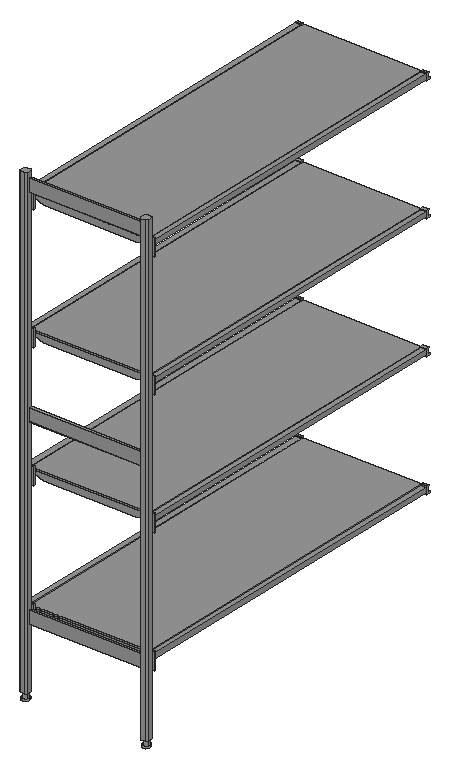
Revit family "QF_ELECTROLUXPROFESSIONAL_137076_CLS1272", category Attrezzature speciali, Revit 2020
Family settings
  Quota connettore circolare = Usa diametro
  Tipo di parte = Normale
  Basato su piano di lavoro = No
  Sempre verticale = Sì
  Taglio con vuoti quando caricato = No
  Condiviso = No
  Punto di calcolo locali = No
Parameters (values of type "Standard")
  Weight = 22.00 kg
  Watts = 0 W
  Volts = 0 V
  URL Manufacturer = "https://www.electroluxprofessional.com/"
  URL = "https://www.electroluxprofessional.com/"
  Steam Supply Size = 0 mm
  Steam Supply Minimum Pressure = 0.0 Pa
  Steam Supply Maximum Pressure = 0.0 Pa
  Steam Consumption per Hour = 0
  Refrigeration Suction Line Size = 0.0 mm
  Refrigeration Liquid Line Size = 0.0 mm
  Refrigerant Compressor Remote = yes
  Prospetto di default = 0.0 mm
  Phase = 0
  Modello = "CLS1272"
  Produttore = "Electrolux Professional"
  Length Actual = 1276.0 mm  # constant formula
  Item Number = "137076"
  Hot Water Size = 0 mm
  Height Actual = 1700.0 mm  # constant formula
  HP = "0 HP"
  Gas Size = 0 mm
  Gas KW = 0
  Gas Input Pressure = 0 W
  Direct Waste Size = 0 mm
  Descrizione = "ALUM.CORNER SHELV.-POLY.TIERS-475X1276MM"
  Depth Actual = 475.0 mm  # constant formula
  Cycle = 0 Hz
  Condensate Return Size = 0 mm
  Compressed Air Volume = 0.0 L/s
  Compressed Air Size = 0 mm
  Compressed Air Pressure = 0.0 Pa
  Cold Water Size = 0 mm
  Accessory = yes
Reference planes
  plane 1: z = 0
  plane 2 "Center (F/B)": y = -163.5
  plane 3 "Front": y = -549.5
  plane 4 "Left": x = -217.5
  plane 5 "Right": x = 257.5
  plane 6 "TOP": z = 1700
  plane 7: y = -517.5
  plane 8: y = 722.5
  plane 9 "Center (Left/Right)": x = 20
  plane 10: y = 717.5
  plane 11: x = -186
  plane 12: x = 226
  plane 13 "FEET": z = 25
  plane 14: z = 275
  plane 15: z = 725
  plane 16: z = 1175
  plane 17: z = 1625
  plane 18 "CXLeft": y = -535.5
  plane 19: x = -200
  plane 20 "CYBack": x = -200
  plane 21 "CYFront": x = 138
  plane 22 "Back": y = 726.5
  plane 23 "LEFT_ORIGIN": x = -251.5
  plane 24 "BACK_Origin": y = 1201.5
Forms (mm)
  Extrusion 1, solid, material "QF_Aluminum"
    sketch origin (0, -549.5, 0) x (-1, 0, 0) y (0, 0, 1)
      loop
        line (198.5, 1650.994) -> (198.5, 1632.998) -> (217.5, 1632.998) -> (217.5, 1650.994) -> (198.5, 1650.994)
      loop
        line (-238.5, 1650.994) -> (-257.5, 1650.994) -> (-257.5, 1632.998) -> (-238.5, 1632.998) -> (-238.5, 1650.994)
      loop
        line (198.5, 1200.994) -> (198.5, 1182.998) -> (217.5, 1182.998) -> (217.5, 1200.994) -> (198.5, 1200.994)
      loop
        line (-238.522, 1200.994) -> (-257.5, 1200.994) -> (-257.5, 1182.998) -> (-238.522, 1182.998) -> (-238.522, 1200.994)
      loop
        line (198.5, 750.994) -> (198.5, 732.998) -> (217.5, 732.998) -> (217.5, 750.994) -> (198.5, 750.994)
      loop
        line (-238.522, 750.994) -> (-257.5, 750.994) -> (-257.5, 732.998) -> (-238.522, 732.998) -> (-238.522, 750.994)
      loop
        line (198.5, 300.994) -> (198.5, 282.998) -> (217.5, 282.998) -> (217.5, 300.994) -> (198.5, 300.994)
      loop
        line (-238.522, 300.994) -> (-257.5, 300.994) -> (-257.5, 282.998) -> (-238.522, 282.998) -> (-238.522, 300.994)
    from 32 to 1272
  Extrusion 2, solid, material "QF_Polyethylene"
    sketch origin (0, -549.5, 0) x (-1, 0, 0) y (0, 0, 1)
      loop
        line (196.507, 1650.994) -> (-236.522, 1650.994) -> (-236.522, 1644.496) -> (196.507, 1644.496) -> (196.507, 1650.994)
      loop
        line (196.507, 1200.994) -> (-236.522, 1200.994) -> (-236.522, 1194.496) -> (196.507, 1194.496) -> (196.507, 1200.994)
      loop
        line (196.507, 750.994) -> (-236.522, 750.994) -> (-236.522, 744.496) -> (196.507, 744.496) -> (196.507, 750.994)
      loop
        line (196.507, 300.994) -> (-236.522, 300.994) -> (-236.522, 294.496) -> (196.507, 294.496) -> (196.507, 300.994)
    from 32 to 1272
Lines and regions (mm)
  symbolic lines
    curve 1: line (-198.5, 722.5, 1700) -> (-198.5, -517.5, 1700)
    curve 2: line (-217.5, -521.5, 1700) -> (-217.5, 722.5, 1700)
    curve 3: line (257.5, -521.5, 1700) -> (257.5, 722.5, 1700)
    curve 4: line (-181.507, -517.5, 1700) -> (221.507, -517.5, 1700)
    curve 5: line (238.522, -517.5, 1700) -> (238.522, 722.5, 1700)
    curve 6: line (-198.5, 722.5, 1700) -> (238.522, 722.5, 1700)
Dimensions and locks
  plane 3 "Front" to plane 2 "Center (F/B)" = 386.0 mm
  locked: plane 6 "TOP" to level at 1700
  locked: plane 4 "Left" to plane 5 "Right" at 475
  locked: plane 7 to plane 8 at 1240
  locked: plane 3 "Front" to plane 7 at 32
  plane 10 to plane 8 = 5.0 mm
  locked: plane 11 to plane 12 at 412
  equal spacing: plane 11, plane 9 "Center (Left/Right)", plane 12
  equal spacing: plane 4 "Left", plane 9 "Center (Left/Right)", plane 5 "Right"
  plane 13 "FEET" to level = 25.0 mm
  plane 6 "TOP" to plane 13 "FEET" = 1675.0 mm
  plane 14 to plane 13 "FEET" = 250.0 mm
  plane 15 to plane 14 = 450.0 mm
  plane 16 to plane 15 = 450.0 mm
  plane 17 to plane 16 = 450.0 mm
  locked: plane 3 "Front" to plane 18 "CXLeft" at 14
  locked: plane 3 "Front" to plane 22 "Back" at 1276
  plane 23 "LEFT_ORIGIN" to plane 5 "Right" = 509.0 mm
  locked: plane 22 "Back" to plane 24 "BACK_Origin" at 475
  aligned and locked: level to plane 1
  aligned and locked: Extrusion 2 to plane 7
  aligned and locked: plane 8 to Extrusion 2
  aligned and locked: Extrusion 1 to plane 7
  aligned and locked: plane 8 to Extrusion 1
  aligned and locked: Extrusion 1 sketch curve to Extrusion 1 sketch curve  (x2)
  aligned and locked: plane 18 "CXLeft" to nested 1
  aligned and locked: nested 2 to plane 10
Automatic sketch dimensions
  curve 2 to plane 4 "Left" = 0.0 mm
  curve 3 to plane 5 "Right" = 0.0 mm
  plane 7 to curve 1 = 0.0 mm
  plane 7 to curve 4 = 0.0 mm
  plane 7 to curve 5 = 0.0 mm
  plane 8 to curve 2 = 0.0 mm
  plane 8 to curve 1 = 0.0 mm
  plane 8 to curve 3 = 0.0 mm
  curve 5 to plane 21 "CYFront" = 100.522 mm
  plane 19 to curve 6 = 1.5 mm
  plane 7 to curve 3 = 4.0 mm
  plane 7 to curve 2 = 4.0 mm
  plane 12 to curve 4 = 4.493 mm
  curve 4 to plane 11 = 4.493 mm
  plane 5 "Right" to Extrusion 1 sketch curve = 0.0 mm  (x4)
  plane 4 "Left" to Extrusion 1 sketch curve = 0.0 mm  (x4)
  Extrusion 1 sketch curve to plane 21 "CYFront" = 100.522 mm
  Extrusion 1 sketch curve to plane 21 "CYFront" = 100.5 mm
  plane 19 to Extrusion 1 sketch curve = 1.5 mm  (x4)
  plane 14 to Extrusion 1 sketch curve = 7.998 mm  (x2)
  Extrusion 1 sketch curve to Extrusion 1 sketch curve = 17.997 mm  (x8)
  plane 15 to Extrusion 1 sketch curve = 7.998 mm  (x2)
  plane 16 to Extrusion 1 sketch curve = 7.998 mm  (x2)
  plane 17 to Extrusion 1 sketch curve = 7.998 mm  (x2)
  Extrusion 2 sketch curve to plane 21 "CYFront" = 98.522 mm  (x4)
  plane 19 to Extrusion 2 sketch curve = 3.493 mm  (x4)
  plane 14 to Extrusion 2 sketch curve = 19.496 mm
  Extrusion 2 sketch curve to Extrusion 2 sketch curve = 6.499 mm  (x4)
  plane 15 to Extrusion 2 sketch curve = 19.496 mm
  plane 16 to Extrusion 2 sketch curve = 19.496 mm
  plane 17 to Extrusion 2 sketch curve = 19.496 mm
Nested families
  nested 1: "WT_Anta475" at (-194.5, -132.5, 0) x (0, 1, 0) z (0, 0, 1), type "WT_Anta475"
  nested 2: "WT_Aggancio475" at (-194.5, 1134.5, 0) x (0, 1, 0) z (0, 0, 1), type "WT_Aggancio475"
Definition of nested family "WT_Anta475"
  Parameters
    WidthLeft = A + 64.0 mm  # 772.0 mm
    Width = 1606.0 mm
    Right = WidthLeft / 2  # 386.0 mm
    Default Elevation = 0.0 mm
    Left = -WidthLeft / 2  # -386.0 mm
    Height = 1725.0 mm
    FEET = 25.0 mm
    E = 0.0 mm
    Dint = Depth - 63.0 mm  # 412.0 mm
    Dext = Depth - 8.0 mm  # 467.0 mm
    Depth = 475.0 mm
    DX = (WidthLeft - A) / 2  # 32.0 mm
    B = 798.0 mm
    A = 708.0 mm
  Reference planes
    plane 1: z = 0
    plane 2 "LEFT": x = -417
    plane 3 "BACK": y = 23
    plane 4 "FRONT": y = -452
    plane 5 "TOP": z = 1725
    plane 6 "Center (Front/Back)": y = -214.5
    plane 7: y = -8.5
    plane 8: y = -420.5
    plane 9 "FEET": z = 25
    plane 10: z = 275
    plane 11: z = 725
    plane 12: z = 1175
    plane 13: z = 1625
    plane 14 "CXLeft": x = -403
    plane 15: y = 5.5
    plane 16 "CYBack": y = 5.5
    plane 17 "CYFront": y = -434.5
    plane 18: x = -385.031
    plane 19: x = -380.031
  Forms (mm)
    Extrusion 1, solid
      sketch origin (0, 0, 0) x (1, 0, 0) y (0, 1, 0)
        loop
          line (-417, 13.246) -> (-417, -2.246) -> (-410.746, -8.5) -> (-395.254, -8.5) -> (-389, -2.246) -> (-389, 13.246) -> (-395.254, 19.5) -> (-410.746, 19.5) -> (-417, 13.246)
      from 1725 to 25
    Extrusion 2, solid
      sketch origin (-417, 0, 0) x (0, 1, 0) y (0, 0, 1)
        loop
          line (23, 246.005) -> (23, 307.993) -> (-12.993, 307.993) -> (-12.993, 246.005) -> (23, 246.005)
        loop
          line (-452, 246.005) -> (-416.007, 246.005) -> (-416.007, 307.993) -> (-452, 307.993) -> (-452, 246.005)
        loop
          line (23, 696.005) -> (23, 757.993) -> (-12.993, 757.993) -> (-12.993, 696.005) -> (23, 696.005)
        loop
          line (-452, 696.005) -> (-416.007, 696.005) -> (-416.007, 757.993) -> (-452, 757.993) -> (-452, 696.005)
        loop
          line (23, 1146.005) -> (23, 1207.993) -> (-12.993, 1207.993) -> (-12.993, 1146.005) -> (23, 1146.005)
        loop
          line (-452, 1146.005) -> (-416.007, 1146.005) -> (-416.007, 1207.993) -> (-452, 1207.993) -> (-452, 1146.005)
        loop
          line (23, 1596.005) -> (23, 1657.993) -> (-12.993, 1657.993) -> (-12.993, 1596.005) -> (23, 1596.005)
        loop
          line (-452, 1596.005) -> (-416.007, 1596.005) -> (-416.007, 1657.993) -> (-452, 1657.993) -> (-452, 1596.005)
      from 28 to 32
    Revolve 3, solid
      sketch origin (-403, 0, 0) x (0, 1, 0) y (0, 0, 1)
        loop
          line (5.5, 25) -> (5.5, 0) -> (19, 0) -> (19, 5) -> (14, 5) -> (14, 25) -> (5.5, 25)
        axis (5.5, 25) -> (5.5, 0)
      angle from 0 to 360
    Extrusion 4, solid
      sketch origin (-403, 0, 0) x (0, 1, 0) y (0, 0, 1)
        loop
          line (-8.5, 912.382) -> (-8.5, 957.374) -> (-420.5, 957.374) -> (-420.5, 912.382) -> (-8.5, 912.382)
        loop
          line (-8.5, 1662.244) -> (-8.5, 1707.236) -> (-420.5, 1707.236) -> (-420.5, 1662.244) -> (-8.5, 1662.244)
      from -5 to 5
    Revolve 5, solid
      sketch origin (-403, -627, 0) x (0, -1, 0) y (0, 0, 1)
        loop
          line (-192.5, 25) -> (-192.5, 0) -> (-179, 0) -> (-179, 5) -> (-184, 5) -> (-184, 25) -> (-192.5, 25)
        axis (-192.5, 25) -> (-192.5, 0)
      angle from 0 to 360
    Extrusion 6, solid
      sketch origin (0, -627, 0) x (1, 0, 0) y (0, 1, 0)
        loop
          line (-417, 184.754) -> (-410.746, 178.5) -> (-395.254, 178.5) -> (-389, 184.754) -> (-389, 200.246) -> (-395.254, 206.5) -> (-410.746, 206.5) -> (-417, 200.246) -> (-417, 184.754)
      from 1725 to 25
    Extrusion 7, solid
      sketch origin (-417.031, -0.022, 0) x (0, 1, 0) y (0, 0, -1)
        loop
          line (-12, -1632.998) -> (-46, -1620.994) -> (-383, -1620.994) -> (-417, -1632.998) -> (-433, -1632.998) -> (-433, -1650.994) -> (-431, -1650.994) -> (-431, -1644.496) -> (2.007, -1644.496) -> (2.007, -1650.994) -> (4, -1650.994) -> (4, -1632.998) -> (-12, -1632.998)
        loop
          line (-12, -1182.998) -> (-46, -1170.994) -> (-383, -1170.994) -> (-417, -1182.998) -> (-433, -1182.998) -> (-433, -1200.994) -> (-431, -1200.994) -> (-431, -1194.496) -> (2.007, -1194.496) -> (2.007, -1200.994) -> (4, -1200.994) -> (4, -1182.998) -> (-12, -1182.998)
        loop
          line (-12, -732.998) -> (-46, -720.994) -> (-383, -720.994) -> (-417, -732.998) -> (-433, -732.998) -> (-433, -750.994) -> (-431, -750.994) -> (-431, -744.496) -> (2.007, -744.496) -> (2.007, -750.994) -> (4, -750.994) -> (4, -732.998) -> (-12, -732.998)
        loop
          line (-12, -282.998) -> (-46, -270.994) -> (-383, -270.994) -> (-417, -282.998) -> (-433, -282.998) -> (-433, -300.994) -> (-431, -300.994) -> (-431, -294.496) -> (2.007, -294.496) -> (2.007, -300.994) -> (4, -300.994) -> (4, -282.998) -> (-12, -282.998)
      from -32 to -37
    Extrusion 8, solid
      sketch origin (-403, 0, -659.878) x (0, 1, 0) y (0, 0, 1)
        loop
          line (-8.5, 912.382) -> (-8.5, 957.374) -> (-420.5, 957.374) -> (-420.5, 912.382) -> (-8.5, 912.382)
        loop
          line (-8.5, 1572.382) -> (-8.5, 1617.374) -> (-420.5, 1617.374) -> (-420.5, 1572.382) -> (-8.5, 1572.382)
        loop
          line (-8.5, 2322.382) -> (-8.5, 2367.374) -> (-420.5, 2367.374) -> (-420.5, 2322.382) -> (-8.5, 2322.382)
      from -5 to 5
  Lines and regions (mm)
    symbolic lines
      curve 1: line (-408, -8.5, 1725) -> (-408, -420.5, 1725)
      curve 2: line (-398, -420.5, 1725) -> (-398, -8.5, 1725)
      curve 3: line (-395.254, -8.5, 1725) -> (-410.746, -8.5, 1725)
      curve 4: line (-417, -2.246, 1725) -> (-410.746, -8.5, 1725)
      curve 5: line (-417, 13.246, 1725) -> (-417, -2.246, 1725)
      curve 6: line (-410.746, 19.5, 1725) -> (-417, 13.246, 1725)
      curve 7: line (-395.254, 19.5, 1725) -> (-410.746, 19.5, 1725)
      curve 8: line (-389, 13.246, 1725) -> (-395.254, 19.5, 1725)
      curve 9: line (-395.254, -8.5, 1725) -> (-389, -2.246, 1725)
      curve 10: line (-395.254, -420.5, 1725) -> (-410.746, -420.5, 1725)
      curve 11: line (-417, -426.754, 1725) -> (-410.746, -420.5, 1725)
      curve 12: line (-410.746, -448.5, 1725) -> (-417, -442.246, 1725)
      curve 13: line (-395.254, -448.5, 1725) -> (-410.746, -448.5, 1725)
      curve 14: line (-389, -442.246, 1725) -> (-395.254, -448.5, 1725)
      curve 15: line (-395.254, -420.5, 1725) -> (-389, -426.754, 1725)
      curve 16: line (-389, -452, 1725) -> (-389, -416.007, 1725)
      curve 17: line (-389, -416.007, 1725) -> (-385, -416.007, 1725)
      curve 18: line (-389, 23, 1725) -> (-389, -12.993, 1725)
      curve 19: line (-389, -12.993, 1725) -> (-385, -12.993, 1725)
      curve 20: line (-417, -426.754, 1725) -> (-417, -442.246, 1725)
      curve 21: line (-385, -452, 1725) -> (-385, -416.007, 1725)
      curve 22: line (-385, -452, 1725) -> (-389, -452, 1725)
      curve 23: line (-385, 23, 1725) -> (-389, 23, 1725)
      curve 24: line (-385, -12.993, 1725) -> (-385, 23, 1725)
      curve 25: line (-385.031, -13.016, 1725) -> (-385.031, -416.029, 1725)
  Dimensions and locks
    "Height": plane 5 "TOP" to level
    "Depth": plane 3 "BACK" to plane 4 "FRONT"
    "Dint": plane 7 to plane 8
    equal spacing: plane 7, plane 6 "Center (Front/Back)", plane 8
    equal spacing: plane 3 "BACK", plane 6 "Center (Front/Back)", plane 4 "FRONT"
    plane 9 "FEET" to level = 25.0 mm
    plane 5 "TOP" to plane 9 "FEET" = 1700.0 mm
    plane 10 to plane 9 "FEET" = 250.0 mm
    plane 11 to plane 10 = 450.0 mm
    plane 12 to plane 11 = 450.0 mm
    plane 13 to plane 12 = 450.0 mm
    locked: plane 2 "LEFT" to plane 14 "CXLeft" at 14
    locked: plane 3 "BACK" to plane 16 "CYBack" at 17.5
    locked: plane 17 "CYFront" to plane 4 "FRONT" at 17.5
    locked: Revolve 3 sketch curve to Revolve 3 sketch curve at 8.5
    locked: Revolve 3 sketch curve to plane 16 "CYBack" at 13.5
    locked: Revolve 5 sketch curve to Revolve 5 sketch curve at 8.5
    aligned and locked: level to plane 1
    aligned and locked: curve 20 to Extrusion 6
    aligned and locked: plane 5 "TOP" to Extrusion 1
    aligned and locked: plane 5 "TOP" to Extrusion 6
    aligned and locked: Extrusion 7 sketch curve to Extrusion 7 sketch curve  (x3)
  Automatic sketch dimensions
    curve 16 to plane 4 "FRONT" = 0.0 mm
    curve 11 to plane 8 = 0.0 mm
    curve 9 to plane 7 = 0.0 mm
    curve 5 to plane 2 "LEFT" = 0.0 mm
    curve 23 to plane 3 "BACK" = 0.0 mm
    plane 4 "FRONT" to curve 13 = 3.5 mm
    curve 20 to plane 17 "CYFront" = 7.746 mm
    curve 20 to plane 8 = 6.254 mm
    plane 8 to curve 16 = 4.493 mm
    curve 24 to plane 18 = 0.031 mm
    curve 24 to plane 7 = 4.493 mm
    plane 7 to curve 5 = 6.254 mm
    curve 5 to plane 15 = 7.746 mm
    curve 6 to plane 3 "BACK" = 3.5 mm
    curve 21 to plane 18 = 0.031 mm
    plane 18 to curve 23 = 3.969 mm
    plane 18 to curve 16 = 3.969 mm
    curve 18 to curve 8 = 6.254 mm
    curve 18 to curve 3 = 6.254 mm
    curve 16 to curve 13 = 6.254 mm
    curve 16 to curve 15 = 6.254 mm
    plane 2 "LEFT" to curve 10 = 6.254 mm
    plane 2 "LEFT" to curve 7 = 6.254 mm
    plane 2 "LEFT" to curve 12 = 6.254 mm
    plane 2 "LEFT" to curve 3 = 6.254 mm
    curve 14 to plane 17 "CYFront" = 7.746 mm
    curve 15 to plane 8 = 6.254 mm
    plane 7 to curve 9 = 6.254 mm
    curve 8 to plane 15 = 7.746 mm
    curve 3 to curve 2 = 2.746 mm
    curve 1 to curve 10 = 2.746 mm
    Extrusion 1 sketch curve to plane 2 "LEFT" = 0.0 mm
    Extrusion 1 sketch curve to plane 7 = 0.0 mm
    plane 2 "LEFT" to Extrusion 1 sketch curve = 6.254 mm  (x2)
    plane 14 "CXLeft" to Extrusion 1 sketch curve = 7.746 mm  (x2)
    Extrusion 1 sketch curve to plane 3 "BACK" = 3.5 mm
    plane 18 to Extrusion 1 sketch curve = 3.969 mm
    plane 7 to Extrusion 1 sketch curve = 6.254 mm  (x2)
    Extrusion 1 sketch curve to plane 15 = 7.746 mm  (x2)
    Extrusion 2 sketch curve to plane 4 "FRONT" = 0.0 mm  (x4)
    Extrusion 2 sketch curve to plane 3 "BACK" = 0.0 mm  (x4)
    plane 8 to Extrusion 2 sketch curve = 4.493 mm  (x4)
    Extrusion 2 sketch curve to plane 7 = 4.493 mm  (x4)
    Extrusion 2 sketch curve to plane 10 = 28.995 mm  (x2)
    plane 10 to Extrusion 2 sketch curve = 32.993 mm  (x2)
    Extrusion 2 sketch curve to plane 11 = 28.995 mm  (x2)
    plane 11 to Extrusion 2 sketch curve = 32.993 mm  (x2)
    Extrusion 2 sketch curve to plane 12 = 28.995 mm  (x2)
    plane 12 to Extrusion 2 sketch curve = 32.993 mm  (x2)
    Extrusion 2 sketch curve to plane 13 = 28.995 mm  (x2)
    plane 13 to Extrusion 2 sketch curve = 32.993 mm  (x2)
    Revolve 3 sketch curve to plane 9 "FEET" = 0.0 mm  (x2)
    Revolve 3 sketch curve to plane 15 = 0.0 mm  (x2)
    Revolve 3 sketch curve to level = 0.0 mm
    level to Revolve 3 sketch curve = 5.0 mm
    Revolve 3 sketch curve to Revolve 3 sketch curve = 11.655 mm
    Extrusion 4 sketch curve to plane 8 = 0.0 mm  (x2)
    Extrusion 4 sketch curve to plane 7 = 0.0 mm  (x2)
    plane 11 to Extrusion 4 sketch curve = 187.382 mm
    Extrusion 4 sketch curve to Extrusion 4 sketch curve = 44.992 mm
    plane 13 to Extrusion 4 sketch curve = 37.244 mm
    Extrusion 4 sketch curve to plane 5 "TOP" = 17.764 mm
    Revolve 5 sketch curve to plane 9 "FEET" = 0.0 mm  (x2)
    Revolve 5 sketch curve to plane 17 "CYFront" = 0.0 mm  (x2)
    Revolve 5 sketch curve to level = 0.0 mm
    Revolve 5 sketch curve to plane 4 "FRONT" = 4.0 mm
    Revolve 5 sketch curve to Revolve 5 sketch curve = 5.0 mm
    level to Revolve 5 sketch curve = 11.655 mm
    Extrusion 6 sketch curve to plane 2 "LEFT" = 0.0 mm
    Extrusion 6 sketch curve to plane 8 = 0.0 mm
    Extrusion 6 sketch curve to plane 2 "LEFT" = 6.254 mm  (x2)
    Extrusion 6 sketch curve to plane 14 "CXLeft" = 7.746 mm  (x2)
    Extrusion 6 sketch curve to plane 4 "FRONT" = 3.5 mm
    Extrusion 6 sketch curve to plane 18 = 3.969 mm
    plane 8 to Extrusion 6 sketch curve = 6.254 mm  (x2)
    plane 17 "CYFront" to Extrusion 6 sketch curve = 7.746 mm  (x2)
    plane 17 "CYFront" to Extrusion 7 sketch curve = 1.478 mm  (x4)
    Extrusion 7 sketch curve to Extrusion 7 sketch curve = 2.0 mm
    plane 8 to Extrusion 7 sketch curve = 3.478 mm  (x4)
    Extrusion 7 sketch curve to plane 10 = 4.006 mm
    Extrusion 7 sketch curve to Extrusion 7 sketch curve = 34.0 mm  (x4)
    Extrusion 7 sketch curve to plane 11 = 4.006 mm
    Extrusion 7 sketch curve to plane 12 = 4.006 mm
    Extrusion 7 sketch curve to plane 13 = 4.006 mm
    Extrusion 7 sketch curve to plane 7 = 37.522 mm  (x4)
    Extrusion 7 sketch curve to plane 7 = 3.522 mm  (x4)
    plane 15 to Extrusion 7 sketch curve = 3.516 mm  (x4)
    plane 15 to Extrusion 7 sketch curve = 1.522 mm  (x4)
    plane 13 to Extrusion 7 sketch curve = 7.998 mm  (x2)
    Extrusion 7 sketch curve to Extrusion 7 sketch curve = 11.498 mm
    Extrusion 7 sketch curve to Extrusion 7 sketch curve = 6.499 mm  (x5)
    plane 12 to Extrusion 7 sketch curve = 25.994 mm  (x2)
    plane 12 to Extrusion 7 sketch curve = 7.998 mm  (x2)
    plane 11 to Extrusion 7 sketch curve = 25.994 mm  (x2)
    plane 11 to Extrusion 7 sketch curve = 7.998 mm  (x2)
    plane 10 to Extrusion 7 sketch curve = 25.994 mm  (x2)
    plane 10 to Extrusion 7 sketch curve = 7.998 mm  (x2)
    curve 25 to plane 18 = 0.0 mm
    plane 8 to curve 25 = 4.471 mm
    curve 25 to plane 7 = 4.516 mm
    Extrusion 8 sketch curve to plane 8 = 0.0 mm  (x3)
    Extrusion 8 sketch curve to plane 7 = 0.0 mm  (x3)
    Extrusion 8 sketch curve to plane 10 = 22.496 mm
    plane 10 to Extrusion 8 sketch curve = 22.496 mm
    plane 11 to Extrusion 8 sketch curve = 187.504 mm
    Extrusion 8 sketch curve to Extrusion 8 sketch curve = 44.992 mm
    plane 13 to Extrusion 8 sketch curve = 37.504 mm
    Extrusion 8 sketch curve to plane 5 "TOP" = 17.504 mm
Definition of nested family "WT_Aggancio475"
  Parameters
    WidthLeft = A + 64.0 mm  # 772.0 mm
    Width = 1606.0 mm
    Right = WidthLeft / 2  # 386.0 mm
    Default Elevation = 0.0 mm
    Left = -WidthLeft / 2  # -386.0 mm
    Height = 1725.0 mm
    FEET = 25.0 mm
    E = 0.0 mm
    Dint = Depth - 63.0 mm  # 412.0 mm
    Dext = Depth - 8.0 mm  # 467.0 mm
    Depth = 475.0 mm
    DX = (WidthLeft - A) / 2  # 32.0 mm
    B = 798.0 mm
    A = 708.0 mm
  Reference planes
    plane 1: z = 0
    plane 2 "LEFT": x = -417
    plane 3 "BACK": y = 23
    plane 4 "FRONT": y = -452
    plane 5 "TOP": z = 1725
    plane 6 "Center (Front/Back)": y = -214.5
    plane 7: y = -8.5
    plane 8: y = -420.5
    plane 9 "FEET": z = 25
    plane 10: z = 275
    plane 11: z = 725
    plane 12: z = 1175
    plane 13: z = 1625
    plane 14: y = 5.5
    plane 15 "CYBack": y = 5.5
    plane 16 "CYFront": y = -434.5
  Forms (mm)
    Extrusion 1, solid
      sketch origin (-380, -0.022, 0) x (0, 1, 0) y (0, 0, 1)
        loop
          line (-12, 1632.998) -> (4, 1632.998) -> (4, 1650.994) -> (2.007, 1650.994) -> (2.007, 1644.496) -> (-431, 1644.496) -> (-431, 1650.994) -> (-433, 1650.994) -> (-433, 1632.998) -> (-417, 1632.998) -> (-383, 1620.994) -> (-46, 1620.994) -> (-12, 1632.998)
        loop
          line (-12, 1182.998) -> (4, 1182.998) -> (4, 1200.994) -> (2.007, 1200.994) -> (2.007, 1194.496) -> (-431, 1194.496) -> (-431, 1200.994) -> (-433, 1200.994) -> (-433, 1182.998) -> (-417, 1182.998) -> (-383, 1170.994) -> (-46, 1170.994) -> (-12, 1182.998)
        loop
          line (-12, 732.998) -> (4, 732.998) -> (4, 750.994) -> (2.007, 750.994) -> (2.007, 744.496) -> (-431, 744.496) -> (-431, 750.994) -> (-433, 750.994) -> (-433, 732.998) -> (-417, 732.998) -> (-383, 720.994) -> (-46, 720.994) -> (-12, 732.998)
        loop
          line (-12, 282.998) -> (4, 282.998) -> (4, 300.994) -> (2.007, 300.994) -> (2.007, 294.496) -> (-431, 294.496) -> (-431, 300.994) -> (-433, 300.994) -> (-433, 282.998) -> (-417, 282.998) -> (-383, 270.994) -> (-46, 270.994) -> (-12, 282.998)
      from -32 to -37
    Extrusion 2, solid
      sketch origin (-793.062, -324.754, 6.5) x (1, 0, 0) y (0, 0, 1)
        loop
          line (385.062, 1644.496) -> (385.062, 1647.496) -> (376.062, 1647.496) -> (376.062, 1620.994) -> (390.031, 1620.994) -> (390.031, 1626.496) -> (381.062, 1626.496) -> (381.062, 1644.496) -> (385.062, 1644.496)
        loop
          line (385.062, 1194.496) -> (385.062, 1197.496) -> (376.062, 1197.496) -> (376.062, 1170.994) -> (390.031, 1170.994) -> (390.031, 1176.496) -> (381.062, 1176.496) -> (381.062, 1194.496) -> (385.062, 1194.496)
        loop
          line (385.062, 744.496) -> (385.062, 747.496) -> (376.062, 747.496) -> (376.062, 720.994) -> (390.031, 720.994) -> (390.031, 726.496) -> (381.062, 726.496) -> (381.062, 744.496) -> (385.062, 744.496)
        loop
          line (385.062, 294.496) -> (385.062, 297.496) -> (376.062, 297.496) -> (376.062, 270.994) -> (390.031, 270.994) -> (390.031, 276.496) -> (381.062, 276.496) -> (381.062, 294.496) -> (385.062, 294.496)
      from 108.268 to 127.246
    Extrusion 3, solid
      sketch origin (-793.062, 32.754, 6.5) x (1, 0, 0) y (0, 0, 1)
        loop
          line (385.062, 1644.496) -> (385.062, 1647.496) -> (376.062, 1647.496) -> (376.062, 1620.994) -> (390.031, 1620.994) -> (390.031, 1626.496) -> (381.062, 1626.496) -> (381.062, 1644.496) -> (385.062, 1644.496)
        loop
          line (385.062, 1194.496) -> (385.062, 1197.496) -> (376.062, 1197.496) -> (376.062, 1170.994) -> (390.031, 1170.994) -> (390.031, 1176.496) -> (381.062, 1176.496) -> (381.062, 1194.496) -> (385.062, 1194.496)
        loop
          line (385.062, 744.496) -> (385.062, 747.496) -> (376.062, 747.496) -> (376.062, 720.994) -> (390.031, 720.994) -> (390.031, 726.496) -> (381.062, 726.496) -> (381.062, 744.496) -> (385.062, 744.496)
        loop
          line (385.062, 294.496) -> (385.062, 297.496) -> (376.062, 297.496) -> (376.062, 270.994) -> (390.031, 270.994) -> (390.031, 276.496) -> (381.062, 276.496) -> (381.062, 294.496) -> (385.062, 294.496)
      from 9.754 to 28.776
  Lines and regions (mm)
    symbolic lines
      curve 1: line (-412, -452, 0) -> (-408, -452, 0)
      curve 2: line (-412, -433.022, 0) -> (-412, -452, 0)
      curve 3: line (-408, -433.022, 0) -> (-412, -433.022, 0)
      curve 4: line (-408, -452, 0) -> (-408, -433.022, 0)
      curve 5: line (-412, 3.978, 0) -> (-408, 3.978, 0)
      curve 6: line (-412, 23, 0) -> (-412, 3.978, 0)
      curve 7: line (-408, 23, 0) -> (-412, 23, 0)
      curve 8: line (-408, 3.978, 0) -> (-408, 23, 0)
  Dimensions and locks
    "Height": plane 5 "TOP" to level
    "Depth": plane 3 "BACK" to plane 4 "FRONT"
    "Dint": plane 7 to plane 8
    equal spacing: plane 7, plane 6 "Center (Front/Back)", plane 8
    equal spacing: plane 3 "BACK", plane 6 "Center (Front/Back)", plane 4 "FRONT"
    plane 9 "FEET" to level = 25.0 mm
    plane 5 "TOP" to plane 9 "FEET" = 1700.0 mm
    plane 10 to plane 9 "FEET" = 250.0 mm
    plane 11 to plane 10 = 450.0 mm
    plane 12 to plane 11 = 450.0 mm
    plane 13 to plane 12 = 450.0 mm
    locked: plane 3 "BACK" to plane 15 "CYBack" at 17.5
    locked: plane 16 "CYFront" to plane 4 "FRONT" at 17.5
    aligned and locked: level to plane 1
    aligned and locked: Extrusion 1 sketch curve to Extrusion 1 sketch curve  (x3)
  Automatic sketch dimensions
    plane 16 "CYFront" to Extrusion 1 sketch curve = 1.478 mm  (x4)
    Extrusion 1 sketch curve to Extrusion 1 sketch curve = 2.0 mm
    plane 8 to Extrusion 1 sketch curve = 3.478 mm  (x4)
    Extrusion 1 sketch curve to plane 10 = 4.006 mm
    Extrusion 1 sketch curve to Extrusion 1 sketch curve = 34.0 mm  (x4)
    Extrusion 1 sketch curve to plane 11 = 4.006 mm
    Extrusion 1 sketch curve to plane 12 = 4.006 mm
    Extrusion 1 sketch curve to plane 13 = 4.006 mm
    Extrusion 1 sketch curve to plane 7 = 37.522 mm  (x4)
    Extrusion 1 sketch curve to plane 7 = 3.522 mm  (x4)
    plane 14 to Extrusion 1 sketch curve = 3.516 mm  (x4)
    plane 14 to Extrusion 1 sketch curve = 1.522 mm  (x4)
    plane 10 to Extrusion 1 sketch curve = 7.998 mm  (x2)
    Extrusion 1 sketch curve to Extrusion 1 sketch curve = 11.498 mm  (x4)
    Extrusion 1 sketch curve to Extrusion 1 sketch curve = 6.499 mm  (x8)
    plane 11 to Extrusion 1 sketch curve = 7.998 mm  (x2)
    plane 12 to Extrusion 1 sketch curve = 7.998 mm  (x2)
    plane 13 to Extrusion 1 sketch curve = 7.998 mm  (x2)
    plane 2 "LEFT" to Extrusion 2 sketch curve = 0.0 mm  (x4)
    plane 13 to Extrusion 2 sketch curve = 7.996 mm
    plane 11 to Extrusion 2 sketch curve = 7.996 mm
    Extrusion 2 sketch curve to Extrusion 2 sketch curve = 5.0 mm  (x4)
    plane 11 to Extrusion 2 sketch curve = 2.494 mm
    plane 10 to Extrusion 2 sketch curve = 28.996 mm
    Extrusion 2 sketch curve to Extrusion 2 sketch curve = 3.0 mm  (x4)
    plane 10 to Extrusion 2 sketch curve = 7.996 mm
    plane 10 to Extrusion 2 sketch curve = 2.494 mm
    Extrusion 2 sketch curve to Extrusion 2 sketch curve = 18.0 mm  (x3)
    plane 12 to Extrusion 2 sketch curve = 2.494 mm
    plane 12 to Extrusion 2 sketch curve = 7.996 mm
    plane 13 to Extrusion 2 sketch curve = 2.494 mm
    plane 2 "LEFT" to Extrusion 3 sketch curve = 0.0 mm  (x4)
    plane 13 to Extrusion 3 sketch curve = 7.996 mm
    plane 11 to Extrusion 3 sketch curve = 7.996 mm
    Extrusion 3 sketch curve to Extrusion 3 sketch curve = 5.0 mm  (x4)
    plane 11 to Extrusion 3 sketch curve = 2.494 mm
    plane 10 to Extrusion 3 sketch curve = 28.996 mm
    Extrusion 3 sketch curve to Extrusion 3 sketch curve = 3.0 mm  (x4)
    plane 10 to Extrusion 3 sketch curve = 7.996 mm
    plane 10 to Extrusion 3 sketch curve = 2.494 mm
    Extrusion 3 sketch curve to Extrusion 3 sketch curve = 18.0 mm  (x3)
    plane 12 to Extrusion 3 sketch curve = 2.494 mm
    plane 12 to Extrusion 3 sketch curve = 7.996 mm
    plane 13 to Extrusion 3 sketch curve = 2.494 mm
    plane 2 "LEFT" to curve 1 = 5.0 mm
    plane 2 "LEFT" to curve 7 = 5.0 mm
    curve 1 to plane 16 "CYFront" = 17.5 mm
    curve 3 to plane 8 = 12.522 mm
    plane 7 to curve 5 = 12.478 mm
    curve 7 to plane 14 = 17.5 mm
    curve 5 to curve 5 = 4.0 mm
    curve 1 to curve 4 = 4.0 mm
    Extrusion 2 sketch curve to Extrusion 2 sketch curve = 4.0 mm  (x4)
    Extrusion 2 sketch curve to Extrusion 2 sketch curve = 8.969 mm  (x4)
    Extrusion 3 sketch curve to Extrusion 3 sketch curve = 4.0 mm  (x4)
    Extrusion 3 sketch curve to Extrusion 3 sketch curve = 8.969 mm  (x4)
